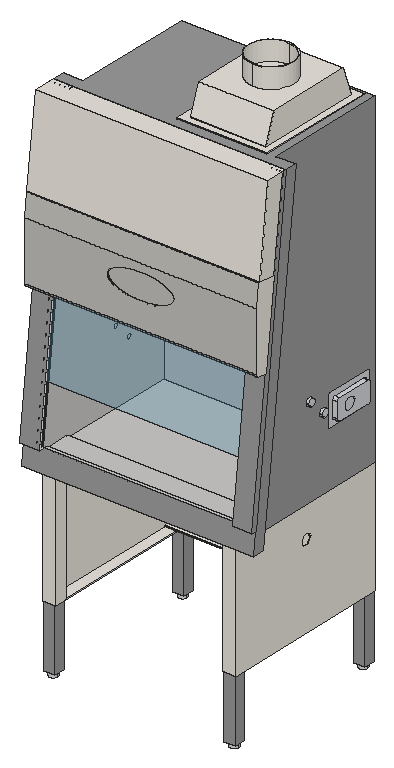
Revit family "NU-545 LabGard Class II Type A2 Laminar Flow Biosafety Cabinet with NU-911", category Mechanical Equipment, Revit 2020
Family settings
  Round Connector Dimension = Use Diameter
  Part Type = Normal
  OmniClass Number = 23.75.00.00
  OmniClass Title = Climate Control (HVAC)
  Work Plane-Based = No
  Always vertical = Yes
  Cut with Voids When Loaded = No
  Shared = No
  Room Calculation Point = No
Parameters (values of type "NU-545-300")
  window width = 2' - 11 7/8"
  transition width = 1' - 1 3/8"
  transition depth = 1' - 7 1/8"
  exhaust ring inner = 0' - 3 15/16"
  exhaust door width = 1' - 1 3/16"
  crossbar = 2' - 10 9/64"
  Workzone Width = 2' - 10 3/8"
  Overall Width = 3' - 5 9/16"
  Model = "NU-545-300"
  Manufacturer = "NuAire Inc."
  Exhaust Filter Width = 1' - 0 1/2"
  Exhaust Diameter = 0' - 8"
  Exhaust Center = 1' - 1"
  Description = "LabGard Class II Type A2 Laminar Flow Biosafety Cabinet 115v with NU-911"
  Default Elevation = 0' - 0"
  Cabinet Width = 2' - 10 9/16"
  Cabinet Height = 4' - 10 7/8"
  Cabinet Depth = 2' - 7 7/16"
Types (4): name | window width | transition width | exhaust ring inner | exhaust door width | crossbar | Workzone Width | Overall Width | Model | Exhaust Filter Width | Exhaust Diameter | Exhaust Center | Cabinet Width
  NU-545-600 | 5' - 11 7/8" | 2' - 11 3/8" | 0' - 4 15/16" | 2' - 7 3/16" | 5' - 10.1415" | 5' - 10 3/8" | 6' - 5 9/16" | "NU-545-600" | 2' - 10 1/2" | 0' - 10" | 2' - 0" | 5' - 10 9/16"
  NU-545-500 | 4' - 11 7/8" | 2' - 5 3/8" | 0' - 4 15/16" | 2' - 7 3/16" | 4' - 10 9/64" | 4' - 10 3/8" | 5' - 5 9/16" | "NU-545-500" | 2' - 4 1/2" | 0' - 10" | 1' - 9" | 4' - 10 9/16"
  NU-545-400 | 3' - 11 3/8" | 1' - 9 3/8" | 0' - 4 15/16" | 1' - 7 3/16" | 3' - 10 9/64" | 3' - 10 3/8" | 4' - 5 9/16" | "NU-545-400" | 1' - 8 1/2" | 0' - 10" | 1' - 5" | 3' - 10 9/16"
  NU-545-300 | 2' - 11 7/8" | 1' - 1 3/8" | 0' - 3 15/16" | 1' - 1 3/16" | 2' - 10 9/64" | 2' - 10 3/8" | 3' - 5 9/16" | "NU-545-300" | 1' - 0 1/2" | 0' - 8" | 1' - 1" | 2' - 10 9/16"
Reference planes (in)
  plane 1 "Center (Front/Back)": y = 0
  plane 2: z = 0
  plane 3 "Center (Left/Right)": x = 0
  plane 4: x = -17.28125
  plane 5: x = 17.28125
  plane 6: y = -31.4375
  plane 7 "Cabinet Base": z = 32.5
  plane 8 "Cabinet Top": z = 91.375
  plane 9: x = -20.78125
  plane 10: x = 20.78125
  plane 11: z = 12
  plane 12: z = 36.5
  plane 13: z = 89.703
  plane 14: z = 0.75
  plane 15: z = 12.074
  plane 16: z = 12.25
  plane 17: z = 22.21875
  plane 18: x = -17.07031
  plane 19: x = 17.07031
  plane 20: x = -17.9375
  plane 21: x = 17.9375
  plane 22: z = 68.23219
  plane 23: x = 18.3125
  plane 24: x = 17.34375
  plane 25: z = 99.875
Forms (in)
  Extrusion 1, solid
    sketch origin (0, 0, 0) x (0, 1, 0) y (0, 0, 1)
      loop
        line (0, 32.5) -> (0, 91.375) -> (-24.20856, 91.375) -> (-31.4375, 32.5) -> (0, 32.5)
    from -20.78125 to 20.78125
  Extrusion 2, void
    sketch origin (0, 0, 0) x (0, 1, 0) y (0, 0, 1)
      loop
        line (-22.0676, 91.375) -> (-29.29654, 32.5) -> (0, 32.5) -> (0, 91.375) -> (-22.0676, 91.375)
    from -20.78125 to -17.28125
  Extrusion 3, void
    sketch origin (0, 0, 0) x (0, 1, 0) y (0, 0, 1)
      loop
        line (-22.0676, 91.375) -> (-29.29654, 32.5) -> (0, 32.5) -> (0, 91.375) -> (-22.0676, 91.375)
    from 17.28125 to 20.78125
  Extrusion 4, void
    sketch origin (0, 0, 0) x (0, 1, 0) y (0, 0, 1)
      loop
        line (-30.94636, 36.5) -> (-30.32136, 36.5) -> (-30.32136, 36.1875) -> (-25.69636, 36.1875) -> (-25.69636, 35.6875) -> (-4.18074, 35.6875) -> (-4.18074, 63.9375) -> (-27.57746, 63.9375) -> (-30.94636, 36.5)
    from -17.1875 to 17.1875
  Extrusion 5, void
    sketch origin (0, 0, 91.375) x (1, 0, 0) y (0, -1, 0)
      loop
        line (13.98425, 2.047) -> (13.98425, 20.547) -> (1.48425, 20.547) -> (1.48425, 2.047) -> (13.98425, 2.047)
    from 0 to 1.672
  Extrusion 6, solid
    sketch origin (0, -31.4375, 32.5) x (1, 0, 0) y (0, -1, 0)
      loop
        line (17.28125, -31.4375) -> (17.28125, -0.29687) -> (14.96225, -0.29687) -> (14.96225, -2.54287) -> (17.13325, -2.54287) -> (17.13325, -29.1915) -> (14.96225, -29.1915) -> (14.96225, -31.4375) -> (17.28125, -31.4375)
      loop
        line (-17.28125, -31.4375) -> (-14.96225, -31.4375) -> (-14.96225, -29.1915) -> (-17.13325, -29.1915) -> (-17.13325, -2.54287) -> (-14.96225, -2.54287) -> (-14.96225, -0.29687) -> (-17.28125, -0.29687) -> (-17.28125, -31.4375)
    from 0 to 20.5
  Extrusion 7, solid
    sketch origin (0, -31.4375, 12) x (0, 1, 0) y (1, 0, 0)
      loop
        line (0.42187, -17.15625) -> (2.42187, -17.15625) -> (2.42187, -15.15625) -> (0.42187, -15.15625) -> (0.42187, -17.15625)
      loop
        line (0.42362, 17.15625) -> (0.42362, 15.15625) -> (2.42362, 15.15625) -> (2.42362, 17.15625) -> (0.42362, 17.15625)
      loop
        line (31.3125, 17.15625) -> (29.3125, 17.15625) -> (29.3125, 15.15625) -> (31.3125, 15.15625) -> (31.3125, 17.15625)
      loop
        line (29.3125, -17.15625) -> (31.3125, -17.15625) -> (31.3125, -15.15625) -> (29.3125, -15.15625) -> (29.3125, -17.15625)
    from 0 to 11.25
  Extrusion 8, solid
    sketch origin (0, -31.4375, 0.75) x (-1, 0, 0) y (0, 1, 0)
      loop
        circle (16.15625, 1.40689) r 0.75
      loop
        circle (-16.15625, 1.42362) r 0.75
      loop
        circle (-16.15625, 30.3125) r 0.75
      loop
        circle (16.15625, 30.3125) r 0.75
    from 0 to 0.75
  Extrusion 9, void
    sketch origin (0, 0, 0) x (0, 1, 0) y (0, 0, 1)
      loop
        circle (-15.375, 27) r 1
    from -17.28125 to 17.28125
  Extrusion 10, solid
    sketch origin (0, -31.4375, 12) x (0, 1, 0) y (1, 0, 0)
      loop
        line (2.54287, 17.13325) -> (2.54287, 14.96225) -> (29.1915, 14.96225) -> (29.1915, 17.13325) -> (2.54287, 17.13325)
      loop
        line (29.1915, -14.96225) -> (2.54287, -14.96225) -> (2.54287, -17.13325) -> (29.1915, -17.13325) -> (29.1915, -14.96225)
    from 0 to -0.074
  Extrusion 11, solid
    sketch origin (0, 0, 0) x (0, 1, 0) y (0, 0, 1)
      loop
        line (-4.246, 22.21875) -> (-4.246, 22.09375) -> (-2.3085, 22.09375) -> (-2.3085, 12.375) -> (-4.246, 12.375) -> (-4.246, 12.25) -> (-2.246, 12.25) -> (-2.246, 22.21875) -> (-4.246, 22.21875)
    from -17.07031 to 17.07031
  Extrusion 12, solid
    sketch origin (0, 0, 0) x (0, 1, 0) y (0, 0, 1)
      loop
        line (-30.97451, 36.27075) -> (-24.20856, 91.375) -> (-25.02968, 91.375) -> (-31.78343, 36.37008) -> (-30.97451, 36.27075)
    from 17.28125 to 20.78125
  Extrusion 13, solid
    sketch origin (-20.78125, 0, 0) x (0, -1, 0) y (0, 0, 1)
      loop
        line (24.20856, 91.375) -> (30.97451, 36.27075) -> (31.78343, 36.37008) -> (25.02968, 91.375) -> (24.20856, 91.375)
    from 0 to -3.5
  Extrusion 14, void
    sketch origin (0, 0.01127, -0.00138) x (0, 1, 0) y (0, 0, 1)
      loop
        line (-31.06811, 36.53412) -> (-24.33433, 91.37638) -> (-24.7647, 91.37638) -> (-31.49209, 36.58618) -> (-31.06811, 36.53412)
    from -17.9375 to 17.9375
  Extrusion 15, solid
    sketch origin (0, 0, 0) x (0, 1, 0) y (0, 0, 1)
      loop
        line (-29.83815, 46.4582) -> (-26.28092, 75.3651) -> (-26.46701, 75.388) -> (-30.02425, 46.48105) -> (-29.83815, 46.4582)
    from -17.9375 to 17.9375
  Extrusion 16, solid
    sketch origin (0, 0, 0) x (0, 1, 0) y (0, 0, 1)
      loop
        line (-25.02968, 91.375) -> (-24.20856, 91.375) -> (-24.20856, 91.4375) -> (-28.29641, 91.4375) -> (-30.18251, 76.07644) -> (-26.95674, 75.68036) -> (-25.02968, 91.375)
      loop
        line (-26.97197, 75.5563) -> (-30.19775, 75.95237) -> (-30.68522, 71.98219) -> (-30.68522, 61.39724)
        arc (-30.68522, 61.39724) -> (-30.54401, 61.02451) -> (-30.19128, 60.83893) r 0.5625
        line (-30.19128, 60.83893) -> (-28.80001, 60.6681) -> (-26.97197, 75.5563)
    from -20.78125 to 20.78125
  Extrusion 17, void
    sketch origin (0, -30.68522, 71.98219) x (0, 0, 1) y (1, 0, 0)
      loop
        spline (-3.71919, -5.96875) -> (-3.10786, -5.76537) -> (-2.53819, -5.16909) -> (-2.049, -4.22054) -> (-1.67363, -2.98438) -> (-1.43767, -1.54483) -> (-1.35719, 0) -> (-1.43767, 1.54483) -> (-1.67363, 2.98437) -> (-2.049, 4.22054) -> (-2.53819, 5.16909) -> (-3.10786, 5.76537) -> (-3.71919, 5.96875)
        spline (-3.71919, 5.96875) -> (-4.33052, 5.76537) -> (-4.90019, 5.16909) -> (-5.38937, 4.22054) -> (-5.76474, 2.98437) -> (-6.0007, 1.54483) -> (-6.08119, 0) -> (-6.0007, -1.54483) -> (-5.76474, -2.98438) -> (-5.38937, -4.22054) -> (-4.90019, -5.16909) -> (-4.33052, -5.76537) -> (-3.71919, -5.96875)
    from 0 to 0.07687
  Extrusion 18, void
    sketch origin (0, 0, 0) x (0, 1, 0) y (0, 0, 1)
      loop
        circle (-11.846, 45.958) r 0.5
      loop
        circle (-14.842, 48.958) r 0.5
    from -17.28125 to 17.28125
  Extrusion 19, solid
    sketch origin (-0.214, 0, 0) x (0, 1, 0) y (0, 0, 1)
      loop
        arc (-10.1875, 48.25) -> (-10.36428, 48.17678) -> (-10.4375, 48) r 0.25
        line (-10.4375, 48) -> (-10.4375, 43)
        arc (-10.4375, 43) -> (-10.36428, 42.82322) -> (-10.1875, 42.75) r 0.25
        line (-10.1875, 42.75) -> (-1.6875, 42.75)
        arc (-1.6875, 42.75) -> (-1.51072, 42.82322) -> (-1.4375, 43) r 0.25
        line (-1.4375, 43) -> (-1.4375, 48)
        arc (-1.4375, 48) -> (-1.51072, 48.17678) -> (-1.6875, 48.25) r 0.25
        line (-1.6875, 48.25) -> (-10.1875, 48.25)
      loop
        arc (-9.0625, 47.375) -> (-9.41605, 47.22855) -> (-9.5625, 46.875) r 0.5
        line (-9.5625, 46.875) -> (-9.5625, 44.125)
        arc (-9.5625, 44.125) -> (-9.41605, 43.77145) -> (-9.0625, 43.625) r 0.5
        line (-9.0625, 43.625) -> (-2.8125, 43.625)
        arc (-2.8125, 43.625) -> (-2.45895, 43.77145) -> (-2.3125, 44.125) r 0.5
        line (-2.3125, 44.125) -> (-2.3125, 46.875)
        arc (-2.3125, 46.875) -> (-2.45895, 47.22855) -> (-2.8125, 47.375) r 0.5
        line (-2.8125, 47.375) -> (-9.0625, 47.375)
    from 17.49525 to 17.55775
  Extrusion 20, solid
    sketch origin (17.28125, 0, 0) x (0, 1, 0) y (0, 0, 1)
      loop
        arc (-9.0625, 47.375) -> (-9.41605, 47.22855) -> (-9.5625, 46.875) r 0.5
        line (-9.5625, 46.875) -> (-9.5625, 44.125)
        arc (-9.5625, 44.125) -> (-9.41605, 43.77145) -> (-9.0625, 43.625) r 0.5
        line (-9.0625, 43.625) -> (-2.8125, 43.625)
        arc (-2.8125, 43.625) -> (-2.45895, 43.77145) -> (-2.3125, 44.125) r 0.5
        line (-2.3125, 44.125) -> (-2.3125, 46.875)
        arc (-2.3125, 46.875) -> (-2.45895, 47.22855) -> (-2.8125, 47.375) r 0.5
        line (-2.8125, 47.375) -> (-9.0625, 47.375)
    from 0 to 1.03125
  Extrusion 21, void
    sketch origin (0, 0, 0) x (0, 1, 0) y (0, 0, 1)
      loop
        circle (-6.9375, 45.5) r 1.12448
    from 18.20767 to 18.3125
  Extrusion 22, solid
    sketch origin (1.48425, -3.8441, 96.375) x (0, -1, 0) y (1, 0, 0)
      loop
        circle (7.4684, 6.297) r 4
      loop
        circle (7.4684, 6.297) r 3.9375
    from 0 to 3.5
  Extrusion 23, solid
    sketch origin (0, 0, 91.375) x (0, -1, 0) y (1, 0, 0)
      loop
        line (1.7345, 1.04675) -> (20.8595, 1.04675) -> (20.8595, 14.42175) -> (1.7345, 14.42175) -> (1.7345, 1.04675)
      loop
        line (0.3595, -0.32825) -> (22.2345, -0.32825) -> (22.2345, 15.79675) -> (0.3595, 15.79675) -> (0.3595, -0.32825)
    from 0 to 0.0625
  Extrusion 24, solid
    sketch origin (0, 0, 0) x (0, 1, 0) y (0, 0, 1)
      loop
        line (-20.8595, 91.375) -> (-1.7345, 91.375) -> (-1.7345, 91.4375) -> (-3.5316, 96.375) -> (-19.0624, 96.375) -> (-20.8595, 91.4375) -> (-20.8595, 91.375)
    from 1.04675 to 14.42175
  Extrusion 25, solid
    sketch origin (0, -22.0676, 91.375) x (0, -0.121869, -0.992546) y (-1, 0, 0)
      loop
        circle (57.52663, 18.96723) r 0.5
    from 0 to 0.0987
  Extrusion 26, solid
    sketch origin (0, 0, 0) x (0, 1, 0) y (0, 0, 1)
      loop
        circle (-11.846, 45.958) r 0.625
      loop
        circle (-14.846, 48.954) r 0.625
    from 17.28125 to 17.9375
  Extrusion 27, solid
    sketch origin (-17.28125, 0, 0) x (0, -1, 0) y (0, 0, 1)
      loop
        circle (14.84766, 48.954) r 0.625
      loop
        circle (11.846, 45.95312) r 0.625
    from 0 to 0.65625
Cuts and joins
  Extrusion 2, Extrusion 3, Extrusion 4, Extrusion 5, Extrusion 17, Extrusion 18 cuts Extrusion 1
  Extrusion 9 cuts Extrusion 6
  Extrusion 14, Extrusion 18 cuts Extrusion 13
  Extrusion 14 cuts Extrusion 12
  Extrusion 17 cuts Extrusion 15
  Extrusion 17 cuts Extrusion 16
  Extrusion 21 cuts Extrusion 20
  joined: Extrusion 19, Extrusion 20
Dimensions and locks (in)
  equal spacing: plane 4, plane 3 "Center (Left/Right)", plane 5
  "Cabinet Width": plane 4 to plane 5
  "Cabinet Depth": plane 1 "Center (Front/Back)" to plane 6
  "Cabinet Height": plane 8 "Cabinet Top" to plane 7 "Cabinet Base"
  equal spacing: plane 10, plane 3 "Center (Left/Right)", plane 9
  "Overall Width": plane 10 to plane 9
  plane 7 "Cabinet Base" to Extrusion 1 = 4' - 10 7/8"
  locked: Extrusion 2 sketch curve to Extrusion 1 at 2.125
  Extrusion 2 to plane 7 "Cabinet Base" = 4' - 10 7/8"
  locked: cut or joined group of Extrusion 1, Extrusion 2, Extrusion 3, Extrusion 4, Extrusion 5, Extrusion 17, Extrusion 18 to Extrusion 3 sketch curve at 2.125
  Extrusion 3 to plane 7 "Cabinet Base" = 4' - 10 7/8"
  plane 7 "Cabinet Base" to level = 2' - 8 1/2"
  equal spacing: cut or joined group of Extrusion 1, Extrusion 2, Extrusion 3, Extrusion 4, Extrusion 5, Extrusion 17, Extrusion 18, plane 3 "Center (Left/Right)", cut or joined group of Extrusion 1, Extrusion 2, Extrusion 3, Extrusion 4, Extrusion 5, Extrusion 17, Extrusion 18
  "Workzone Width": cut or joined group of Extrusion 1, Extrusion 2, Extrusion 3, Extrusion 4, Extrusion 5, Extrusion 17, Extrusion 18 to cut or joined group of Extrusion 1, Extrusion 2, Extrusion 3, Extrusion 4, Extrusion 5, Extrusion 17, Extrusion 18
  locked: Extrusion 5 sketch curve to plane 5 at 3.297
  "Exhaust Filter Width": Extrusion 5 sketch curve to Extrusion 5 sketch curve
  locked: Extrusion 5 sketch curve to plane 1 "Center (Front/Back)" at 2.047
  Extrusion 5 sketch curve to Extrusion 5 sketch curve = 1' - 6 1/2"
  locked: Extrusion 6 to Extrusion 7 sketch curve at 0.125
  locked: Extrusion 7 sketch curve to Extrusion 6 at 0.125  (x4)
  Extrusion 7 sketch curve to Extrusion 7 sketch curve = 0' - 2"  (x8)
  Extrusion 6 to Extrusion 7 sketch curve = 0' - 0 1/8"  (x2)
  Extrusion 6 to Extrusion 7 sketch curve = 0' - 0.12674"
  Extrusion 8 sketch curve to Extrusion 7 = 0' - 1"  (x2)
  Extrusion 7 to Extrusion 8 sketch curve = 0' - 0.98502"
  Extrusion 7 to Extrusion 8 sketch curve = 0' - 1"  (x5)
  Extrusion 6 to Extrusion 9 sketch curve = 0' - 5 1/2"
  Extrusion 6 to Extrusion 9 sketch curve = 1' - 3 3/8"
  equal spacing: plane 19, plane 3 "Center (Left/Right)", plane 18
  "crossbar": plane 19 to plane 18
  cut or joined group of Extrusion 1, Extrusion 2, Extrusion 3, Extrusion 4, Extrusion 5, Extrusion 17, Extrusion 18 to Extrusion 12 sketch curve = 0' - 0.815"
  Extrusion 13 to Extrusion 14 sketch curve = 0' - 0.11365"
  Extrusion 14 sketch curve to Extrusion 14 sketch curve = 0' - 0.42716"
  Extrusion 13 to Extrusion 14 sketch curve = 0' - 0 1/4"
  equal spacing: plane 21, plane 3 "Center (Left/Right)", plane 20
  "window width": plane 21 to plane 20
  cut or joined group of Extrusion 13, Extrusion 14, Extrusion 18 to Extrusion 15 sketch curve to Extrusion 15 sketch curve = 0' - 10", 2' - 5 1/8" locked
  equal spacing: Extrusion 15, plane 3 "Center (Left/Right)", Extrusion 15
  "window width": Extrusion 15 to Extrusion 15
  locked: Extrusion 16 sketch curve to Extrusion 16 sketch curve at 15
  locked: Extrusion 16 sketch curve to Extrusion 16 sketch curve at 4
  Extrusion 16 sketch curve to Extrusion 16 sketch curve = 2' - 6 15/16"
  equal spacing: Extrusion 16, plane 3 "Center (Left/Right)", Extrusion 16
  "Overall Width": Extrusion 16 to Extrusion 16
  equal spacing: plane 10, Extrusion 17 sketch curve, plane 9
  Extrusion 18 sketch curve to cut or joined group of Extrusion 1, Extrusion 2, Extrusion 3, Extrusion 4, Extrusion 5, Extrusion 17, Extrusion 18 = 1' - 2.842"
  Extrusion 18 sketch curve to cut or joined group of Extrusion 6, Extrusion 9 = 1' - 1.458"
  Extrusion 18 sketch curve to cut or joined group of Extrusion 6, Extrusion 9 = 1' - 4.458"
  Extrusion 19 sketch curve to cut or joined group of Extrusion 1, Extrusion 2, Extrusion 3, Extrusion 4, Extrusion 5, Extrusion 17, Extrusion 18 = 0' - 1 7/16"
  Extrusion 19 sketch curve to Extrusion 19 sketch curve = 0' - 9"
  Extrusion 19 sketch curve to cut or joined group of Extrusion 6, Extrusion 9 = 0' - 10 1/4"
  Extrusion 19 sketch curve to Extrusion 19 sketch curve = 0' - 5 1/2"
  Extrusion 19 sketch curve to Extrusion 19 sketch curve = 0' - 3 3/4"
  Extrusion 19 sketch curve to Extrusion 19 sketch curve = 0' - 7 1/4"
  Extrusion 19 sketch curve to Extrusion 19 sketch curve = 0' - 0 7/8"
  plane 10 to plane 23 to cut or joined group of Extrusion 1, Extrusion 2, Extrusion 3, Extrusion 4, Extrusion 5, Extrusion 17, Extrusion 18 = 0' - 2 15/32" locked, 0' - 1 1/32" locked
  Extrusion 21 sketch curve to cut or joined group of Extrusion 6, Extrusion 9 = 1' - 1"
  Extrusion 21 sketch curve to cut or joined group of Extrusion 1, Extrusion 2, Extrusion 3, Extrusion 4, Extrusion 5, Extrusion 17, Extrusion 18 = 0' - 6 15/16"
  plane 23 to plane 24 to cut or joined group of Extrusion 19, Extrusion 20, Extrusion 21 = 0' - 0 31/32" locked, 0' - 0 1/16" locked
  locked: cut or joined group of Extrusion 19, Extrusion 20, Extrusion 21 to cut or joined group of Extrusion 19, Extrusion 20, Extrusion 21 at 0.10483
  locked: cut or joined group of Extrusion 1, Extrusion 2, Extrusion 3, Extrusion 4, Extrusion 5, Extrusion 17, Extrusion 18 to plane 23 at 1.03125
  "Exhaust Center": Extrusion 22 sketch curve to cut or joined group of Extrusion 1, Extrusion 2, Extrusion 3, Extrusion 4, Extrusion 5, Extrusion 17, Extrusion 18
  cut or joined group of Extrusion 1, Extrusion 2, Extrusion 3, Extrusion 4, Extrusion 5, Extrusion 17, Extrusion 18 to Extrusion 22 sketch curve = 0' - 11 5/16"
  "transition width": Extrusion 23 sketch curve to Extrusion 23 sketch curve
  "transition depth": Extrusion 23 sketch curve to Extrusion 23 sketch curve
  locked: Extrusion 23 sketch curve to cut or joined group of Extrusion 1, Extrusion 2, Extrusion 3, Extrusion 4, Extrusion 5, Extrusion 17, Extrusion 18 at 0.3125
  cut or joined group of Extrusion 1, Extrusion 2, Extrusion 3, Extrusion 4, Extrusion 5, Extrusion 17, Extrusion 18 to Extrusion 23 sketch curve = 0' - 0 7/16"
  locked: Extrusion 23 sketch curve to cut or joined group of Extrusion 1, Extrusion 2, Extrusion 3, Extrusion 4, Extrusion 5, Extrusion 17, Extrusion 18 at 0.4375
  locked: Extrusion 23 sketch curve to Extrusion 23 sketch curve at 1.375  (x3)
  locked: Extrusion 23 sketch curve to Extrusion 23 sketch curve at 21.875
  Extrusion 25 sketch curve to cut or joined group of Extrusion 1, Extrusion 2, Extrusion 3, Extrusion 4, Extrusion 5, Extrusion 17, Extrusion 18 = 0' - 1.79051"
  cut or joined group of Extrusion 1, Extrusion 2, Extrusion 3, Extrusion 4, Extrusion 5, Extrusion 17, Extrusion 18 to Extrusion 25 sketch curve = 0' - 1.81402"
  Extrusion 18 sketch curve to cut or joined group of Extrusion 1, Extrusion 2, Extrusion 3, Extrusion 4, Extrusion 5, Extrusion 17, Extrusion 18 = 0' - 11.846"
  Extrusion 26 sketch curve to cut or joined group of Extrusion 6, Extrusion 9 = 1' - 1.458"
  Extrusion 26 sketch curve to cut or joined group of Extrusion 6, Extrusion 9 = 1' - 4.454"
  Extrusion 26 sketch curve to cut or joined group of Extrusion 1, Extrusion 2, Extrusion 3, Extrusion 4, Extrusion 5, Extrusion 17, Extrusion 18 = 0' - 11.846"
  Extrusion 26 sketch curve to cut or joined group of Extrusion 1, Extrusion 2, Extrusion 3, Extrusion 4, Extrusion 5, Extrusion 17, Extrusion 18 = 1' - 2.846"
  Extrusion 27 sketch curve to cut or joined group of Extrusion 6, Extrusion 9 = 1' - 1 29/64"
  Extrusion 27 sketch curve to cut or joined group of Extrusion 6, Extrusion 9 = 1' - 4.454"
  cut or joined group of Extrusion 1, Extrusion 2, Extrusion 3, Extrusion 4, Extrusion 5, Extrusion 17, Extrusion 18 to Extrusion 27 sketch curve = 0' - 11.846"
  cut or joined group of Extrusion 1, Extrusion 2, Extrusion 3, Extrusion 4, Extrusion 5, Extrusion 17, Extrusion 18 to Extrusion 27 sketch curve = 1' - 2 217/256"
  "Exhaust Diameter": diameter of Extrusion 22 sketch curve
  "exhaust ring inner": radius of Extrusion 22 sketch curve
  locked: plane 6 to Extrusion 1 sketch curve (angle 7.00°)
  aligned and locked: level to plane 2
  aligned and locked: plane 1 "Center (Front/Back)" to Extrusion 1 sketch curve
  aligned and locked: plane 8 "Cabinet Top" to Extrusion 1 sketch curve
  aligned and locked: plane 7 "Cabinet Base" to Extrusion 1 sketch curve
  aligned and locked: Extrusion 1 to plane 9
  aligned and locked: Extrusion 1 to plane 10
  aligned and locked: Extrusion 2 sketch curve to Extrusion 1  (x3)
  aligned and locked: Extrusion 2 to plane 9
  aligned and locked: plane 4 to Extrusion 2
  aligned and locked: cut or joined group of Extrusion 1, Extrusion 2, Extrusion 3, Extrusion 4, Extrusion 5, Extrusion 17, Extrusion 18 to Extrusion 3 sketch curve  (x2)
  aligned and locked: Extrusion 3 sketch curve to cut or joined group of Extrusion 1, Extrusion 2, Extrusion 3, Extrusion 4, Extrusion 5, Extrusion 17, Extrusion 18
  aligned and locked: Extrusion 3 to plane 10
  aligned and locked: Extrusion 3 to plane 5
  aligned and locked: Extrusion 5 to plane 13
  aligned and locked: Extrusion 6 to plane 11
  aligned and locked: Extrusion 6 to plane 7 "Cabinet Base"
  aligned and locked: plane 14 to Extrusion 7
  aligned and locked: Extrusion 8 to level
  aligned and locked: plane 5 to Extrusion 9
  aligned and locked: Extrusion 9 to plane 4
  aligned and locked: Extrusion 10 sketch curve to cut or joined group of Extrusion 6, Extrusion 9  (x8)
  aligned and locked: plane 15 to Extrusion 10
  aligned and locked: Extrusion 11 to plane 18
  aligned and locked: plane 19 to Extrusion 11
  aligned and locked: plane 8 "Cabinet Top" to Extrusion 12 sketch curve
  aligned and locked: Extrusion 12 to plane 10
  aligned and locked: Extrusion 12 to plane 5
  aligned and locked: plane 8 "Cabinet Top" to Extrusion 13 sketch curve
  aligned and locked: cut or joined group of Extrusion 1, Extrusion 2, Extrusion 3, Extrusion 4, Extrusion 5, Extrusion 17, Extrusion 18 to Extrusion 13 sketch curve
  aligned and locked: Extrusion 13 sketch curve to Extrusion 12  (x2)
  aligned and locked: plane 4 to Extrusion 13
  aligned and locked: Extrusion 14 to plane 20
  aligned and locked: Extrusion 14 to plane 21
  aligned and locked: Extrusion 14 to plane 8 "Cabinet Top"
  aligned and locked: plane 5 to Extrusion 18
  aligned and locked: Extrusion 18 to plane 4
  aligned and locked: Extrusion 19 to plane 5
  aligned and locked: Extrusion 19 to Extrusion 20 sketch curve  (x4)
  aligned and locked: Extrusion 20 to plane 23
  aligned and locked: Extrusion 21 to plane 23
  aligned and locked: Extrusion 20 to plane 5
  aligned and locked: Extrusion 19 to plane 24
  aligned and locked: plane 25 to Extrusion 22
  aligned and locked: cut or joined group of Extrusion 16, Extrusion 17 to Extrusion 23
  aligned and locked: Extrusion 24 sketch curve to Extrusion 23  (x3)
  aligned and locked: Extrusion 24 to Extrusion 23  (x2)
  aligned and locked: Extrusion 22 to Extrusion 24
  aligned and locked: Extrusion 26 to plane 5
  aligned and locked: Extrusion 27 to plane 20
  aligned and locked: plane 21 to Extrusion 26
Automatic sketch dimensions
  Extrusion 1 sketch curve to plane 6 = 0' - 0"
  plane 12 to Extrusion 4 sketch curve = 0' - 0"
  plane 6 to Extrusion 4 sketch curve = 0' - 0.49114"
  plane 12 to Extrusion 4 sketch curve = 0' - 0 5/16"
  Extrusion 4 sketch curve to Extrusion 4 sketch curve = 0' - 0 5/8"
  plane 6 to Extrusion 4 sketch curve = 0' - 3.86004"
  plane 12 to Extrusion 4 sketch curve = 0' - 0 13/16"
  Extrusion 4 sketch curve to Extrusion 4 sketch curve = 0' - 4 5/8"
  plane 1 "Center (Front/Back)" to Extrusion 4 sketch curve = 0' - 4.18074"
  Extrusion 4 sketch curve to plane 13 = 2' - 1.7655"
  Extrusion 1 to Extrusion 6 sketch curve = 0' - 0"  (x2)
  Extrusion 6 sketch curve to Extrusion 1 = 0' - 3 1/2"
  Extrusion 6 sketch curve to Extrusion 6 sketch curve = 0' - 0.148"  (x2)
  Extrusion 6 sketch curve to Extrusion 6 sketch curve = 0' - 2.171"  (x3)
  Extrusion 1 to Extrusion 6 sketch curve = 0' - 2.246"  (x2)
  Extrusion 6 sketch curve to Extrusion 1 = 0' - 5.819"  (x2)
  Extrusion 6 sketch curve to Extrusion 1 = 0' - 0 19/64"  (x2)
  Extrusion 6 sketch curve to Extrusion 6 sketch curve = 0' - 2.246"  (x2)
  Extrusion 11 sketch curve to plane 17 = 0' - 0"
  Extrusion 11 sketch curve to plane 16 = 0' - 0"
  plane 1 "Center (Front/Back)" to Extrusion 11 sketch curve = 0' - 4.246"  (x2)
  plane 16 to Extrusion 11 sketch curve = 0' - 0 1/8"
  Extrusion 11 sketch curve to Extrusion 11 sketch curve = 0' - 1 15/16"
  Extrusion 11 sketch curve to Extrusion 11 sketch curve = 0' - 0 1/16"
  Extrusion 11 sketch curve to Extrusion 11 sketch curve = 0' - 0 1/8"
  plane 6 to Extrusion 12 sketch curve = 0' - 0.46299"
  Extrusion 12 sketch curve to plane 6 = 0' - 0.34593"
  plane 8 "Cabinet Top" to Extrusion 14 sketch curve = 0' - 0"
  Extrusion 15 sketch curve to Extrusion 15 sketch curve = 0' - 0.1861"
  plane 6 to Extrusion 15 sketch curve = 0' - 1.41325"
  plane 6 to Extrusion 15 sketch curve = 0' - 4.97049"
  level to Extrusion 15 sketch curve = 6' - 3.3651"
  plane 8 "Cabinet Top" to Extrusion 16 sketch curve = 0' - 0"
  Extrusion 16 sketch curve to Extrusion 16 sketch curve = 0' - 0.01523"  (x2)
  Extrusion 16 sketch curve to Extrusion 16 sketch curve = 0' - 1.39126"
  Extrusion 16 sketch curve to plane 8 "Cabinet Top" = 0' - 0 1/16"
  Extrusion 16 sketch curve to Extrusion 16 sketch curve = 0' - 0.82112"
  Extrusion 16 sketch curve to Extrusion 16 sketch curve = 0' - 0.12407"
  plane 6 to Extrusion 16 sketch curve = 0' - 0.75228"
  plane 6 to Extrusion 16 sketch curve = 0' - 1.23975"
  Extrusion 16 sketch curve to Extrusion 16 sketch curve = 0' - 0.49395"
  plane 6 to Extrusion 16 sketch curve = 0' - 3.14109"
  Extrusion 17 sketch curve to Extrusion 16 = 0' - 3.71919"
  Extrusion 17 sketch curve to Extrusion 17 sketch curve = 0' - 5 31/32"
  Extrusion 19 sketch curve to Extrusion 19 sketch curve = 0' - 0 1/4"  (x4)
  Extrusion 19 sketch curve to Extrusion 19 sketch curve = 0' - 0 5/8"
  Extrusion 19 sketch curve to Extrusion 19 sketch curve = 0' - 0 1/2"  (x4)
  Extrusion 20 sketch curve to Extrusion 20 sketch curve = 0' - 0 1/2"  (x4)
  Extrusion 24 sketch curve to plane 25 = 0' - 3 1/2"
  Extrusion 24 sketch curve to Extrusion 24 sketch curve = 0' - 1.7971"
  plane 1 "Center (Front/Back)" to Extrusion 24 sketch curve = 0' - 3.5316"
  Extrusion 24 sketch curve to plane 8 "Cabinet Top" = 0' - 0 1/16"  (x2)
  Extrusion 22 sketch curve to Extrusion 22 sketch curve = 0' - 0"  (x2)
  radius of Extrusion 8 sketch curve = 0' - 0 3/4"  (x4)
  radius of Extrusion 9 sketch curve = 0' - 1"
  radius of Extrusion 18 sketch curve = 0' - 0 1/2"  (x2)
  radius of Extrusion 21 sketch curve = 0' - 1.12448"
  radius of Extrusion 25 sketch curve = 0' - 0 1/2"
  radius of Extrusion 26 sketch curve = 0' - 0 5/8"  (x2)
  radius of Extrusion 27 sketch curve = 0' - 0 5/8"  (x2)
Connectors (in)
  hvac at (7.78125, -11.3125, 99.875), driven by "Exhaust Diameter"
    settings: on Extrusion 22, index 1, duct flow 0 CFM, flow factor 0, pres drop 0.00 in-wg, loss coef 0, conn angle 0.00°, conn width 12", conn height 12", conn diameter 8", duct sys type 3, conn prof type 0, flow config 0, flow direction 2, loss method 0, conn ref index -1, conn util no, is conn primary yes, conn desc ""
  piping at (17.9375, -11.846, 45.958), diameter 0.875
    settings: on Extrusion 26, index 2, connector inside diameter 24", connector length 0' - 0", flow factor 0, pipe flow 0 GPM, pressure drop 0.00 psi, fitting loss kfactor 0, connector angle 0.00°, fixture units 0, engagement length 0' - 0", angle of deflection 0.00°, flow configuration 0, flow direction 1, fitting loss method 0, system type 28, joint type 0, gender type 0, connector reference index -1, connector utility 0, adjustable connector no, is connector primary yes, connector description ""
  piping at (17.9375, -14.846, 48.954), diameter 0.875
    settings: on Extrusion 26, index 3, connector inside diameter 24", connector length 0' - 0", flow factor 0, pipe flow 0 GPM, pressure drop 0.00 psi, fitting loss kfactor 0, connector angle 0.00°, fixture units 0, engagement length 0' - 0", angle of deflection 0.00°, flow configuration 0, flow direction 0, fitting loss method 0, system type 28, joint type 0, gender type 0, connector reference index -1, connector utility 0, adjustable connector no, is connector primary no, connector description ""
  electrical at (-18.96723, -28.98037, 34.26514)
    settings: on Extrusion 25, index 4, voltage 115 V, apparent load 0 VA, apparent load phase1 0 VA, apparent load phase2 0 VA, apparent load phase3 0 VA, power factor 1, load classification "Power", number of poles 2, system type 31, power factor state 1, is connector primary yes, connector utility yes, sub classification motor no, connector description ""
